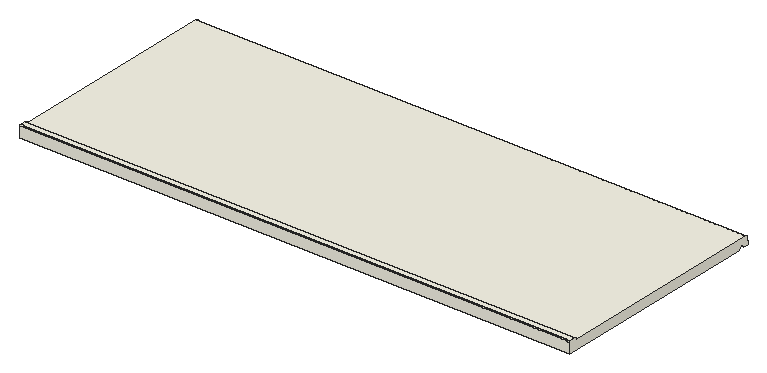
Revit family "Vierteaguas H. C-1", category Modelos genéricos, Revit 2020
Family settings
  Puede alojar armadura = No
  Cota de conector redondo = Diámetro de uso
  Tipo de pieza = Normal
  Se basa en plano de trabajo = No
  Siempre vertical = No
  Corte con vacíos al cargar = No
  Compartido = No
  Punto de cálculo de habitación = No
Parameters (values of type "H46")
  Descripción = "Pieza de hormigón polímero con anclaje de acero inoxidable."
  Ancho doble = Ancho / 4  # 115 mm
  Visible una linea = if(Ancho > 300 mm, 2 = 3, 2 = 2)  # no
  Visible dos líneas = if(Ancho > 300 mm, 2 = 2, 2 = 3)  # yes
  URL = "https://www.ulmaarchitectural.com/es-es"
  Nº filas anclajes [instance] = if(Longitud > 2600 mm, 6, if(Longitud < 660 mm, 2, Longitud / Dist. entre anclajes))  # 3
  Modelo = "Vierteaguas H46"
  Material = Hormigón polímero STONEO. Color C-1
  Longitud real [instance] = if(Longitud > 2600 mm, 2600 mm, if(Longitud < 500 mm, 500 mm, Longitud))  # 1200 mm
  Longitud [instance] = 1200 mm
  Fabricante = "ULMA Architectural Solutions"
  Elevación por defecto = 0 mm
  Dist. entre anclajes [instance] = if(Longitud < 650 mm, 340 mm, 440 mm)  # 440 mm
  Dist primer anclaje [instance] = if(Longitud < 700 mm, 80 mm, 150 mm)  # 150 mm
  Código de montaje = "H46"
  Ancho total = Ancho + 25 mm  # 485 mm
  Ancho = 460 mm
Types (16, lengths in mm): name | Ancho doble | Visible una linea | Visible dos líneas | Nº filas anclajes | Modelo | Longitud real | Longitud | Código de montaje | Ancho total | Ancho
  (no name) | 115 | no | yes | 3 | "Vierteaguas H46" | 1200 | 1200 | "H46" | 485 | 460
  H12 | 30 | yes | no | 3 | "Vierteaguas H12" | 1200 | 1200 | "H12" | 145 | 120
  H14 | 35 | yes | no | 3 | "Vierteaguas H14" | 1200 | 1200 | "H14" | 165 | 140
  H16 | 40 | yes | no | 3 | "Vierteaguas H16" | 1200 | 1200 | "H16" | 185 | 160
  H18 | 45 | yes | no | 3 | "Vierteaguas H18" | 1200 | 1200 | "H18" | 205 | 180
  H20 | 50 | yes | no | 3 | "Vierteaguas H20" | 1200 | 1200 | "H20" | 225 | 200
  H22 | 55 | yes | no | 3 | "Vierteaguas H22" | 1200 | 1200 | "H22" | 245 | 220
  H24 | 60 | yes | no | 3 | "Vierteaguas H24" | 1200 | 1200 | "H24" | 265 | 240
  H26 | 65 | yes | no | 3 | "Vierteaguas H26" | 1200 | 1200 | "H26" | 285 | 260
  H28 | 70 | yes | no | 3 | "Vierteaguas H28" | 1200 | 1200 | "H28" | 305 | 280
  H31 | 77.5 | no | yes | 3 | "Vierteaguas H31" | 1200 | 1200 | "H31" | 335 | 310
  H34 | 85 | no | yes | 3 | "Vierteaguas H34" | 1200 | 1200 | "H34" | 365 | 340
  H37 | 92.5 | no | yes | 5 | "Vierteaguas H37" | 2000 | 2000 | "H37" | 395 | 370
  H39 | 97.5 | no | yes | 3 | "Vierteaguas H39" | 1200 | 1200 | "H39" | 415 | 390
  H43 | 107.5 | no | yes | 3 | "Vierteaguas H43" | 1200 | 1200 | "H43" | 455 | 430
  H46 | 115 | no | yes | 3 | "Vierteaguas H46" | 1200 | 1200 | "H46" | 485 | 460
Reference planes
  plane 1 "Centro (Frontal/Posterior)": y = 0
  plane 2: z = 0
  plane 3 "Centro (Izquierda/Derecha)": x = 0
  plane 4: y = -115
  plane 5: y = 115
Forms (mm)
  Extrusion 1, solid, material "Hormigón polímero STONEO. Color C-1" <- "Material"
    sketch origin (0, 0, 0) x (0, 1, 0) y (0, 0, 1)
      loop
        line (-242.5, 0) -> (217.5, 0) -> (222.695, 6.234)
        arc (222.695, 6.234) -> (225, 7.314) -> (227.305, 6.234) r 3
        line (227.305, 6.234) -> (232.5, 0) -> (242.5, 0) -> (239.256, 18.396)
        arc (239.256, 18.396) -> (238.283, 19.563) -> (236.827, 20) r 2.641
        line (236.827, 20) -> (-225.5, 20)
        arc (-225.5, 20) -> (-226.914, 20.586) -> (-227.5, 22) r 2
        line (-227.5, 22) -> (-227.5, 23)
        arc (-227.5, 23) -> (-228.086, 24.414) -> (-229.5, 25) r 2
        line (-229.5, 25) -> (-240.5, 25)
        arc (-240.5, 25) -> (-241.914, 24.414) -> (-242.5, 23) r 2
        line (-242.5, 23) -> (-242.5, 0)
    from 0 to 1200
Dimensions and locks
  equal spacing: Extrusion 1 sketch curve, plane 1 "Centro (Frontal/Posterior)", Extrusion 1 sketch curve
  "Ancho total": Extrusion 1 sketch curve to Extrusion 1 sketch curve
  Extrusion 1 sketch curve to Extrusion 1 sketch curve = 10 mm
  Extrusion 1 sketch curve to Extrusion 1 sketch curve = 15 mm  (x2)
  "Longitud real": Extrusion 1 to Extrusion 1
  Extrusion 1 sketch curve to Extrusion 1 sketch curve = 7.314 mm
  "Dist primer anclaje": Extrusion 1 to nested 1
  equal spacing: group 1, group 2, group 7  (x3)
  "Dist. entre anclajes": nested 1 to nested 2
  "Dist primer anclaje": plane 3 "Centro (Izquierda/Derecha)" to nested 3
  "Dist primer anclaje": plane 3 "Centro (Izquierda/Derecha)" to nested 4
  "Ancho doble": plane 1 "Centro (Frontal/Posterior)" to plane 4
  "Ancho doble": plane 1 "Centro (Frontal/Posterior)" to plane 5
  equal spacing: group 3, group 4, group 8  (x3)
  "Dist. entre anclajes": nested 4 to nested 5
  equal spacing: group 5, group 6, group 9  (x3)
  "Dist. entre anclajes": nested 3 to nested 6
  Extrusion 1 sketch curve to level = 20 mm
  Extrusion 1 sketch curve to Extrusion 1 sketch curve = 25 mm
  Extrusion 1 sketch curve to Extrusion 1 sketch curve = 5 mm
  radius of Extrusion 1 sketch curve = 2 mm  (x3)
  angle Extrusion 1 sketch curve to Extrusion 1 sketch curve = 80.00°
  aligned and locked: level to plane 2
  aligned and locked: plane 1 "Centro (Frontal/Posterior)" to nested 1
  aligned and locked: level to nested 2
  aligned and locked: level to nested 1
  aligned and locked: nested 4 to plane 4
  aligned and locked: nested 3 to plane 5
  aligned and locked: nested 5 to plane 4
  aligned and locked: nested 6 to plane 5
Automatic sketch dimensions
  Extrusion 1 sketch curve to level = 0 mm
  level to Extrusion 1 sketch curve = 6.234 mm  (x2)
  Extrusion 1 sketch curve to Extrusion 1 sketch curve = 5.195 mm
  Extrusion 1 sketch curve to Extrusion 1 sketch curve = 2.305 mm
  Extrusion 1 sketch curve to Extrusion 1 sketch curve = 9.522 mm
  level to Extrusion 1 sketch curve = 18.396 mm
Nested families
  nested 1: "Anclaje imposta" at (150, 0, -2) x (0, -1, 0) z (0, 0, 1), visible <- "Visible una linea", type "Anclaje imposta"
  nested 2: "Anclaje imposta" at (590, 0, -2) x (0, -1, 0) z (0, 0, 1), visible <- "Visible una linea", type "Anclaje imposta"
  nested 3: "Anclaje imposta" at (150, 115, -2) x (0, -1, 0) z (0, 0, 1), visible <- "Visible dos líneas", type "Anclaje imposta"
  nested 4: "Anclaje imposta" at (150, -115, -2) x (0, -1, 0) z (0, 0, 1), visible <- "Visible dos líneas", type "Anclaje imposta"
  nested 5: "Anclaje imposta" at (590, -115, -2) x (0, -1, 0) z (0, 0, 1), visible <- "Visible dos líneas", type "Anclaje imposta"
  nested 6: "Anclaje imposta" at (590, 115, -2) x (0, -1, 0) z (0, 0, 1), visible <- "Visible dos líneas", type "Anclaje imposta"
  nested 7: "Anclaje imposta" at (1030, 0, -2) x (0, -1, 0) z (0, 0, 1), visible <- "Visible una linea", type "Anclaje imposta"
  nested 8: "Anclaje imposta" at (1030, -115, -2) x (0, -1, 0) z (0, 0, 1), visible <- "Visible dos líneas", type "Anclaje imposta"
  nested 9: "Anclaje imposta" at (1030, 115, -2) x (0, -1, 0) z (0, 0, 1), visible <- "Visible dos líneas", type "Anclaje imposta"
Definition of nested family "Anclaje imposta"
  Parameters (values of type "Anclaje inoxidable estándar")
    URL = "https://www.ulmaarchitectural.com/es-es"
    Model = "Sujeción anclaje inoxidable estándar SPE"
    Material = none
    Manufacturer = "ULMA"
    Default Elevation = 0 mm
    Assembly Code = "901250015"
  Reference planes
    plane 1 "Centro (Frontal/Posterior)": y = 0
    plane 2: z = 0
    plane 3 "Centro (Izquierda/Derecha)": x = 0
  Dimensions and locks
    equal spacing: import instance, plane 3 "Centro (Izquierda/Derecha)", import instance
    aligned and locked: level to plane 2
